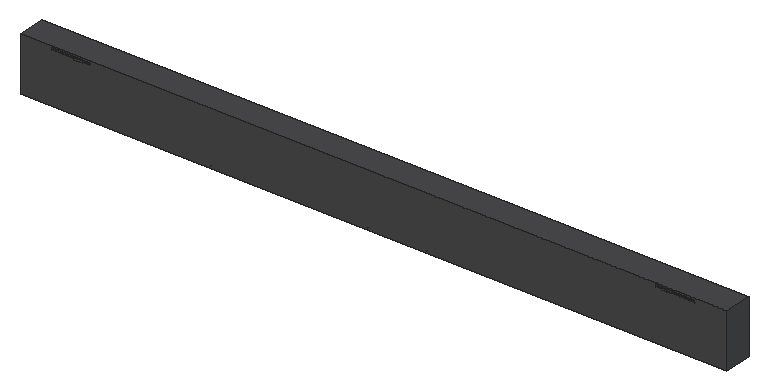
Revit family "DOT BLOCK CEILLING 946_DTSM40N9.1", category Luminarias, Revit 2019
Family settings
  Cota de conector redondo = Diámetro de uso
  Tipo de pieza = Normal
  Se basa en plano de trabajo = Sí
  Siempre vertical = Sí
  Corte con vacíos al cargar = No
  Origen de luz = Sí
  Compartido = No
  Punto de cálculo de habitación = No
Parameters (values of type "DOT BLOCK CEILLING 946_DTSM40N9.1.1535")
  Ángulo de inclinación = 60.00°
  Zone [instance] = ""
  Watt per fixture = 40
  Wattage = 40 W
  built-in parameter 1150107 = 4000 (stored number, unit not read)
  built-in parameter 1150110 = 1 (stored number, unit not read)
  built-in parameter 1150109 = 1 (stored number, unit not read)
  built-in parameter 1150112 = 1 (stored number, unit not read)
  built-in parameter 1150113 = 1 (stored number, unit not read)
  built-in parameter 1114218 = 1 (stored number, unit not read)
  Keynote = ""
  built-in parameter 1150137 = (empty or 0)
  built-in parameter 1150132 = (empty or 0)
  Modelo = "DTSM40N9.1.1535"
  Lámpara = "3030SMD PHILIPS"
  built-in parameter 1150105 = 261.01 (stored number, unit not read)
  built-in parameter 1150102 = (empty or 0)
  built-in parameter 1150106 = 2.6101 (stored number, unit not read)
  Lumens = 3280 lm
  Color Filter = 16777215
  built-in parameter 1114217 = 1 (stored number, unit not read)
  built-in parameter 1150139 = (empty or 0)
  Fabricante = "BRILLANT"
  Default Elevation = 1219.2 mm
  built-in parameter 1150104 = 7.618 (stored number, unit not read)
  Descripción = "LUMINARIA DOWNLIGHT EN FORMATO RECTANGULAR PARA SOBREPONER DIRECTO EN TECHO, CUERPO DE ALUMINIO ACABADO EN COLOR NEGRO, IP 20, PESO 1.98Kg, TIPO DE LED 3030SMD PHILIPS CON 40W TOTAL, 3200 LUMENES, 82LM/W, IRC 90, TEMPERATURA EN BLANCO FRIO 4000K, 50 MIL HORAS DE VIDA PROMEDIO, APERTURA ELIPTICA DE 15X35 GRADOS POR PROYECTO, ALIMENTADO A 90-240V"
  built-in parameter 1150115 = 1 (stored number, unit not read)
  built-in parameter 1150114 = 1 (stored number, unit not read)
  Comentarios de vataje = "90-240V"
  built-in parameter 1150138 = (empty or 0)
  built-in parameter 1150134 = 12
  Circuit [instance] = ""
  Dimming Lamp Color Temperature Shift = (empty or 0)
  Archivo de red fotométrica = "L964A-40W-840-B-15X35_IESNA95.IES"
  built-in parameter 1150133 = 10 (stored number, unit not read)
Reference planes
  plane 1 "Centro (Frontal/Posterior)": y = 0
  plane 2: z = 0
  plane 3 "Centro (Izquierda/Derecha)": x = 0
Forms (mm)
  Extrusion 1, solid, material "Default Form", not visible
    sketch origin (0, 0, 0) x (1, 0, 0) y (0, 0, 1)
      loop
        line (-473, 0) -> (-473, -72) -> (473, -72) -> (473, 0) -> (-473, 0)
    from -18.326 to 18.326
  Blend 2, void, not visible
    base sketch origin (-293.63, 0, 0) x (1, 0, 0) y (0, 1, 0)
      loop
        line (-162, 16.149) -> (-162, -16.149) -> (-144.14, -16.149) -> (-144.14, 16.149) -> (-162, 16.149)
    top sketch origin (-293.63, 0, 0) x (1, 0, 0) y (0, 1, 0)
      loop
        line (-160, 12.149) -> (-160, -12.149) -> (-146.14, -12.149) -> (-146.14, 12.149) -> (-160, 12.149)
    from -72 to -61.591
  Blend 3, void, not visible
    base sketch origin (-267.33, 0, 0) x (1, 0, 0) y (0, 1, 0)
      loop
        line (-162, 16.149) -> (-162, -16.149) -> (-144.14, -16.149) -> (-144.14, 16.149) -> (-162, 16.149)
    top sketch origin (-267.33, 0, 0) x (1, 0, 0) y (0, 1, 0)
      loop
        line (-160, 12.149) -> (-160, -12.149) -> (-146.14, -12.149) -> (-146.14, 12.149) -> (-160, 12.149)
    from -72 to -61.591
  Blend 4, void, not visible
    base sketch origin (-241.03, 0, 0) x (1, 0, 0) y (0, 1, 0)
      loop
        line (-162, 16.149) -> (-162, -16.149) -> (-144.14, -16.149) -> (-144.14, 16.149) -> (-162, 16.149)
    top sketch origin (-241.03, 0, 0) x (1, 0, 0) y (0, 1, 0)
      loop
        line (-160, 12.149) -> (-160, -12.149) -> (-146.14, -12.149) -> (-146.14, 12.149) -> (-160, 12.149)
    from -72 to -61.591
  Blend 5, void, not visible
    base sketch origin (-214.73, 0, 0) x (1, 0, 0) y (0, 1, 0)
      loop
        line (-162, 16.149) -> (-162, -16.149) -> (-144.14, -16.149) -> (-144.14, 16.149) -> (-162, 16.149)
    top sketch origin (-214.73, 0, 0) x (1, 0, 0) y (0, 1, 0)
      loop
        line (-160, 12.149) -> (-160, -12.149) -> (-146.14, -12.149) -> (-146.14, 12.149) -> (-160, 12.149)
    from -72 to -61.591
  Blend 6, void, not visible
    base sketch origin (-188.43, 0, 0) x (1, 0, 0) y (0, 1, 0)
      loop
        line (-162, 16.149) -> (-162, -16.149) -> (-144.14, -16.149) -> (-144.14, 16.149) -> (-162, 16.149)
    top sketch origin (-188.43, 0, 0) x (1, 0, 0) y (0, 1, 0)
      loop
        line (-160, 12.149) -> (-160, -12.149) -> (-146.14, -12.149) -> (-146.14, 12.149) -> (-160, 12.149)
    from -72 to -61.591
  Blend 7, void, not visible
    base sketch origin (-162.13, 0, 0) x (1, 0, 0) y (0, 1, 0)
      loop
        line (-162, 16.149) -> (-162, -16.149) -> (-144.14, -16.149) -> (-144.14, 16.149) -> (-162, 16.149)
    top sketch origin (-162.13, 0, 0) x (1, 0, 0) y (0, 1, 0)
      loop
        line (-160, 12.149) -> (-160, -12.149) -> (-146.14, -12.149) -> (-146.14, 12.149) -> (-160, 12.149)
    from -72 to -61.591
  Blend 8, void, not visible
    base sketch origin (-135.83, 0, 0) x (1, 0, 0) y (0, 1, 0)
      loop
        line (-162, 16.149) -> (-162, -16.149) -> (-144.14, -16.149) -> (-144.14, 16.149) -> (-162, 16.149)
    top sketch origin (-135.83, 0, 0) x (1, 0, 0) y (0, 1, 0)
      loop
        line (-160, 12.149) -> (-160, -12.149) -> (-146.14, -12.149) -> (-146.14, 12.149) -> (-160, 12.149)
    from -72 to -61.591
  Blend 9, void, not visible
    base sketch origin (-109.53, 0, 0) x (1, 0, 0) y (0, 1, 0)
      loop
        line (-162, 16.149) -> (-162, -16.149) -> (-144.14, -16.149) -> (-144.14, 16.149) -> (-162, 16.149)
    top sketch origin (-109.53, 0, 0) x (1, 0, 0) y (0, 1, 0)
      loop
        line (-160, 12.149) -> (-160, -12.149) -> (-146.14, -12.149) -> (-146.14, 12.149) -> (-160, 12.149)
    from -72 to -61.591
  Blend 10, void, not visible
    base sketch origin (-83.23, 0, 0) x (1, 0, 0) y (0, 1, 0)
      loop
        line (-162, 16.149) -> (-162, -16.149) -> (-144.14, -16.149) -> (-144.14, 16.149) -> (-162, 16.149)
    top sketch origin (-83.23, 0, 0) x (1, 0, 0) y (0, 1, 0)
      loop
        line (-160, 12.149) -> (-160, -12.149) -> (-146.14, -12.149) -> (-146.14, 12.149) -> (-160, 12.149)
    from -72 to -61.591
  Blend 11, void, not visible
    base sketch origin (-56.93, 0, 0) x (1, 0, 0) y (0, 1, 0)
      loop
        line (-162, 16.149) -> (-162, -16.149) -> (-144.14, -16.149) -> (-144.14, 16.149) -> (-162, 16.149)
    top sketch origin (-56.93, 0, 0) x (1, 0, 0) y (0, 1, 0)
      loop
        line (-160, 12.149) -> (-160, -12.149) -> (-146.14, -12.149) -> (-146.14, 12.149) -> (-160, 12.149)
    from -72 to -61.591
  Blend 12, void, not visible
    base sketch origin (-30.63, 0, 0) x (1, 0, 0) y (0, 1, 0)
      loop
        line (-162, 16.149) -> (-162, -16.149) -> (-144.14, -16.149) -> (-144.14, 16.149) -> (-162, 16.149)
    top sketch origin (-30.63, 0, 0) x (1, 0, 0) y (0, 1, 0)
      loop
        line (-160, 12.149) -> (-160, -12.149) -> (-146.14, -12.149) -> (-146.14, 12.149) -> (-160, 12.149)
    from -72 to -61.591
  Blend 13, void, not visible
    base sketch origin (-4.33, 0, 0) x (1, 0, 0) y (0, 1, 0)
      loop
        line (-162, 16.149) -> (-162, -16.149) -> (-144.14, -16.149) -> (-144.14, 16.149) -> (-162, 16.149)
    top sketch origin (-4.33, 0, 0) x (1, 0, 0) y (0, 1, 0)
      loop
        line (-160, 12.149) -> (-160, -12.149) -> (-146.14, -12.149) -> (-146.14, 12.149) -> (-160, 12.149)
    from -72 to -61.591
  Blend 14, void, not visible
    base sketch origin (21.97, 0, 0) x (1, 0, 0) y (0, 1, 0)
      loop
        line (-162, 16.149) -> (-162, -16.149) -> (-144.14, -16.149) -> (-144.14, 16.149) -> (-162, 16.149)
    top sketch origin (21.97, 0, 0) x (1, 0, 0) y (0, 1, 0)
      loop
        line (-160, 12.149) -> (-160, -12.149) -> (-146.14, -12.149) -> (-146.14, 12.149) -> (-160, 12.149)
    from -72 to -61.591
  Blend 15, void, not visible
    base sketch origin (48.27, 0, 0) x (1, 0, 0) y (0, 1, 0)
      loop
        line (-162, 16.149) -> (-162, -16.149) -> (-144.14, -16.149) -> (-144.14, 16.149) -> (-162, 16.149)
    top sketch origin (48.27, 0, 0) x (1, 0, 0) y (0, 1, 0)
      loop
        line (-160, 12.149) -> (-160, -12.149) -> (-146.14, -12.149) -> (-146.14, 12.149) -> (-160, 12.149)
    from -72 to -61.591
  Blend 16, void, not visible
    base sketch origin (74.57, 0, 0) x (1, 0, 0) y (0, 1, 0)
      loop
        line (-162, 16.149) -> (-162, -16.149) -> (-144.14, -16.149) -> (-144.14, 16.149) -> (-162, 16.149)
    top sketch origin (74.57, 0, 0) x (1, 0, 0) y (0, 1, 0)
      loop
        line (-160, 12.149) -> (-160, -12.149) -> (-146.14, -12.149) -> (-146.14, 12.149) -> (-160, 12.149)
    from -72 to -61.591
  Blend 17, void, not visible
    base sketch origin (100.87, 0, 0) x (1, 0, 0) y (0, 1, 0)
      loop
        line (-162, 16.149) -> (-162, -16.149) -> (-144.14, -16.149) -> (-144.14, 16.149) -> (-162, 16.149)
    top sketch origin (100.87, 0, 0) x (1, 0, 0) y (0, 1, 0)
      loop
        line (-160, 12.149) -> (-160, -12.149) -> (-146.14, -12.149) -> (-146.14, 12.149) -> (-160, 12.149)
    from -72 to -61.591
  Blend 18, void, not visible
    base sketch origin (127.17, 0, 0) x (1, 0, 0) y (0, 1, 0)
      loop
        line (-162, 16.149) -> (-162, -16.149) -> (-144.14, -16.149) -> (-144.14, 16.149) -> (-162, 16.149)
    top sketch origin (127.17, 0, 0) x (1, 0, 0) y (0, 1, 0)
      loop
        line (-160, 12.149) -> (-160, -12.149) -> (-146.14, -12.149) -> (-146.14, 12.149) -> (-160, 12.149)
    from -72 to -61.591
  Blend 19, void, not visible
    base sketch origin (153.47, 0, 0) x (1, 0, 0) y (0, 1, 0)
      loop
        line (-162, 16.149) -> (-162, -16.149) -> (-144.14, -16.149) -> (-144.14, 16.149) -> (-162, 16.149)
    top sketch origin (153.47, 0, 0) x (1, 0, 0) y (0, 1, 0)
      loop
        line (-160, 12.149) -> (-160, -12.149) -> (-146.14, -12.149) -> (-146.14, 12.149) -> (-160, 12.149)
    from -72 to -61.591
  Blend 20, void, not visible
    base sketch origin (179.77, 0, 0) x (1, 0, 0) y (0, 1, 0)
      loop
        line (-162, 16.149) -> (-162, -16.149) -> (-144.14, -16.149) -> (-144.14, 16.149) -> (-162, 16.149)
    top sketch origin (179.77, 0, 0) x (1, 0, 0) y (0, 1, 0)
      loop
        line (-160, 12.149) -> (-160, -12.149) -> (-146.14, -12.149) -> (-146.14, 12.149) -> (-160, 12.149)
    from -72 to -61.591
  Blend 21, void, not visible
    base sketch origin (206.07, 0, 0) x (1, 0, 0) y (0, 1, 0)
      loop
        line (-162, 16.149) -> (-162, -16.149) -> (-144.14, -16.149) -> (-144.14, 16.149) -> (-162, 16.149)
    top sketch origin (206.07, 0, 0) x (1, 0, 0) y (0, 1, 0)
      loop
        line (-160, 12.149) -> (-160, -12.149) -> (-146.14, -12.149) -> (-146.14, 12.149) -> (-160, 12.149)
    from -72 to -61.591
  Blend 22, void, not visible
    base sketch origin (232.37, 0, 0) x (1, 0, 0) y (0, 1, 0)
      loop
        line (-162, 16.149) -> (-162, -16.149) -> (-144.14, -16.149) -> (-144.14, 16.149) -> (-162, 16.149)
    top sketch origin (232.37, 0, 0) x (1, 0, 0) y (0, 1, 0)
      loop
        line (-160, 12.149) -> (-160, -12.149) -> (-146.14, -12.149) -> (-146.14, 12.149) -> (-160, 12.149)
    from -72 to -61.591
  Blend 23, void, not visible
    base sketch origin (258.67, 0, 0) x (1, 0, 0) y (0, 1, 0)
      loop
        line (-162, 16.149) -> (-162, -16.149) -> (-144.14, -16.149) -> (-144.14, 16.149) -> (-162, 16.149)
    top sketch origin (258.67, 0, 0) x (1, 0, 0) y (0, 1, 0)
      loop
        line (-160, 12.149) -> (-160, -12.149) -> (-146.14, -12.149) -> (-146.14, 12.149) -> (-160, 12.149)
    from -72 to -61.591
  Blend 24, void, not visible
    base sketch origin (284.97, 0, 0) x (1, 0, 0) y (0, 1, 0)
      loop
        line (-162, 16.149) -> (-162, -16.149) -> (-144.14, -16.149) -> (-144.14, 16.149) -> (-162, 16.149)
    top sketch origin (284.97, 0, 0) x (1, 0, 0) y (0, 1, 0)
      loop
        line (-160, 12.149) -> (-160, -12.149) -> (-146.14, -12.149) -> (-146.14, 12.149) -> (-160, 12.149)
    from -72 to -61.591
  Blend 25, void, not visible
    base sketch origin (311.27, 0, 0) x (1, 0, 0) y (0, 1, 0)
      loop
        line (-162, 16.149) -> (-162, -16.149) -> (-144.14, -16.149) -> (-144.14, 16.149) -> (-162, 16.149)
    top sketch origin (311.27, 0, 0) x (1, 0, 0) y (0, 1, 0)
      loop
        line (-160, 12.149) -> (-160, -12.149) -> (-146.14, -12.149) -> (-146.14, 12.149) -> (-160, 12.149)
    from -72 to -61.591
  Blend 26, void, not visible
    base sketch origin (337.57, 0, 0) x (1, 0, 0) y (0, 1, 0)
      loop
        line (-162, 16.149) -> (-162, -16.149) -> (-144.14, -16.149) -> (-144.14, 16.149) -> (-162, 16.149)
    top sketch origin (337.57, 0, 0) x (1, 0, 0) y (0, 1, 0)
      loop
        line (-160, 12.149) -> (-160, -12.149) -> (-146.14, -12.149) -> (-146.14, 12.149) -> (-160, 12.149)
    from -72 to -61.591
  Blend 27, void, not visible
    base sketch origin (363.87, 0, 0) x (1, 0, 0) y (0, 1, 0)
      loop
        line (-162, 16.149) -> (-162, -16.149) -> (-144.14, -16.149) -> (-144.14, 16.149) -> (-162, 16.149)
    top sketch origin (363.87, 0, 0) x (1, 0, 0) y (0, 1, 0)
      loop
        line (-160, 12.149) -> (-160, -12.149) -> (-146.14, -12.149) -> (-146.14, 12.149) -> (-160, 12.149)
    from -72 to -61.591
  Blend 28, void, not visible
    base sketch origin (390.17, 0, 0) x (1, 0, 0) y (0, 1, 0)
      loop
        line (-162, 16.149) -> (-162, -16.149) -> (-144.14, -16.149) -> (-144.14, 16.149) -> (-162, 16.149)
    top sketch origin (390.17, 0, 0) x (1, 0, 0) y (0, 1, 0)
      loop
        line (-160, 12.149) -> (-160, -12.149) -> (-146.14, -12.149) -> (-146.14, 12.149) -> (-160, 12.149)
    from -72 to -61.591
  Blend 29, void, not visible
    base sketch origin (416.47, 0, 0) x (1, 0, 0) y (0, 1, 0)
      loop
        line (-162, 16.149) -> (-162, -16.149) -> (-144.14, -16.149) -> (-144.14, 16.149) -> (-162, 16.149)
    top sketch origin (416.47, 0, 0) x (1, 0, 0) y (0, 1, 0)
      loop
        line (-160, 12.149) -> (-160, -12.149) -> (-146.14, -12.149) -> (-146.14, 12.149) -> (-160, 12.149)
    from -72 to -61.591
  Blend 30, void, not visible
    base sketch origin (442.77, 0, 0) x (1, 0, 0) y (0, 1, 0)
      loop
        line (-162, 16.149) -> (-162, -16.149) -> (-144.14, -16.149) -> (-144.14, 16.149) -> (-162, 16.149)
    top sketch origin (442.77, 0, 0) x (1, 0, 0) y (0, 1, 0)
      loop
        line (-160, 12.149) -> (-160, -12.149) -> (-146.14, -12.149) -> (-146.14, 12.149) -> (-160, 12.149)
    from -72 to -61.591
  Blend 31, void, not visible
    base sketch origin (469.07, 0, 0) x (1, 0, 0) y (0, 1, 0)
      loop
        line (-162, 16.149) -> (-162, -16.149) -> (-144.14, -16.149) -> (-144.14, 16.149) -> (-162, 16.149)
    top sketch origin (469.07, 0, 0) x (1, 0, 0) y (0, 1, 0)
      loop
        line (-160, 12.149) -> (-160, -12.149) -> (-146.14, -12.149) -> (-146.14, 12.149) -> (-160, 12.149)
    from -72 to -61.591
  Blend 32, void, not visible
    base sketch origin (495.37, 0, 0) x (1, 0, 0) y (0, 1, 0)
      loop
        line (-162, 16.149) -> (-162, -16.149) -> (-144.14, -16.149) -> (-144.14, 16.149) -> (-162, 16.149)
    top sketch origin (495.37, 0, 0) x (1, 0, 0) y (0, 1, 0)
      loop
        line (-160, 12.149) -> (-160, -12.149) -> (-146.14, -12.149) -> (-146.14, 12.149) -> (-160, 12.149)
    from -72 to -61.591
  Blend 33, void, not visible
    base sketch origin (521.67, 0, 0) x (1, 0, 0) y (0, 1, 0)
      loop
        line (-162, 16.149) -> (-162, -16.149) -> (-144.14, -16.149) -> (-144.14, 16.149) -> (-162, 16.149)
    top sketch origin (521.67, 0, 0) x (1, 0, 0) y (0, 1, 0)
      loop
        line (-160, 12.149) -> (-160, -12.149) -> (-146.14, -12.149) -> (-146.14, 12.149) -> (-160, 12.149)
    from -72 to -61.591
  Blend 34, void, not visible
    base sketch origin (547.97, 0, 0) x (1, 0, 0) y (0, 1, 0)
      loop
        line (-162, 16.149) -> (-162, -16.149) -> (-144.14, -16.149) -> (-144.14, 16.149) -> (-162, 16.149)
    top sketch origin (547.97, 0, 0) x (1, 0, 0) y (0, 1, 0)
      loop
        line (-160, 12.149) -> (-160, -12.149) -> (-146.14, -12.149) -> (-146.14, 12.149) -> (-160, 12.149)
    from -72 to -61.591
  Blend 35, void, not visible
    base sketch origin (574.27, 0, 0) x (1, 0, 0) y (0, 1, 0)
      loop
        line (-162, 16.149) -> (-162, -16.149) -> (-144.14, -16.149) -> (-144.14, 16.149) -> (-162, 16.149)
    top sketch origin (574.27, 0, 0) x (1, 0, 0) y (0, 1, 0)
      loop
        line (-160, 12.149) -> (-160, -12.149) -> (-146.14, -12.149) -> (-146.14, 12.149) -> (-160, 12.149)
    from -72 to -61.591
  Blend 36, void, not visible
    base sketch origin (600.57, 0, 0) x (1, 0, 0) y (0, 1, 0)
      loop
        line (-162, 16.149) -> (-162, -16.149) -> (-144.14, -16.149) -> (-144.14, 16.149) -> (-162, 16.149)
    top sketch origin (600.57, 0, 0) x (1, 0, 0) y (0, 1, 0)
      loop
        line (-160, 12.149) -> (-160, -12.149) -> (-146.14, -12.149) -> (-146.14, 12.149) -> (-160, 12.149)
    from -72 to -61.591
  Extrusion 37, solid, not visible
    sketch origin (-463.861, 0, 3.217) x (0, -1, 0) y (0, 0, -1)
      loop
        line (18.326, 3.217) -> (-18.326, 3.217) -> (-18.326, 73.917) -> (-32.183, 73.917) -> (-32.183, 72.617) -> (-19.626, 72.617) -> (-19.626, 1.917) -> (19.626, 1.917) -> (19.626, 72.617) -> (32.183, 72.617) -> (32.183, 73.917) -> (18.326, 73.917) -> (18.326, 3.217)
    from 89.098 to 128.24
  Extrusion 38, solid, not visible
    sketch origin (-246.523, 0, 3.217) x (0, -1, 0) y (0, 0, 1)
      loop
        line (-19.626, -1.917) -> (19.626, -1.917) -> (19.626, -63.89) -> (20.426, -63.89) -> (20.426, -1.117) -> (-20.426, -1.117) -> (-20.426, -63.89) -> (-19.626, -63.89) -> (-19.626, -1.917)
    from 122.954 to 124.098
  Extrusion 39, solid, not visible
    sketch origin (-463.861, 0, 3.217) x (0, -1, 0) y (0, 0, -1)
      loop
        line (-19.626, 1.917) -> (-19.626, 63.89) -> (-20.426, 63.89) -> (-20.426, 1.117) -> (20.426, 1.117) -> (20.426, 63.89) -> (19.626, 63.89) -> (19.626, 1.917) -> (-19.626, 1.917)
    from 122.954 to 124.098
  Extrusion 40, void, not visible
    sketch origin (0, 0, 0) x (1, 0, 0) y (0, 1, 0)
      loop
        circle (-363.799, -25.904) r 2.055
      loop
        circle (-346.585, -25.904) r 2.055
      loop
        circle (-363.799, 25.904) r 2.055
      loop
        circle (-346.585, 25.904) r 2.055
    from -70.7 to -69.4
  Blend 41, void
    base sketch origin (74.57, 130.851, 72) x (1, 0, 0) y (0, 1, 0)
      loop
        line (-162, -147) -> (-144.14, -147) -> (-144.14, -114.702) -> (-162, -114.702) -> (-162, -147)
    top sketch origin (74.57, 130.851, 72) x (1, 0, 0) y (0, 1, 0)
      loop
        line (-160, -143) -> (-146.14, -143) -> (-146.14, -118.702) -> (-160, -118.702) -> (-160, -143)
    from -72 to -61.591
  Blend 42, void
    base sketch origin (100.87, 130.851, 72) x (1, 0, 0) y (0, 1, 0)
      loop
        line (-162, -147) -> (-144.14, -147) -> (-144.14, -114.702) -> (-162, -114.702) -> (-162, -147)
    top sketch origin (100.87, 130.851, 72) x (1, 0, 0) y (0, 1, 0)
      loop
        line (-160, -143) -> (-146.14, -143) -> (-146.14, -118.702) -> (-160, -118.702) -> (-160, -143)
    from -72 to -61.591
  Blend 43, void
    base sketch origin (127.17, 130.851, 72) x (1, 0, 0) y (0, 1, 0)
      loop
        line (-162, -147) -> (-144.14, -147) -> (-144.14, -114.702) -> (-162, -114.702) -> (-162, -147)
    top sketch origin (127.17, 130.851, 72) x (1, 0, 0) y (0, 1, 0)
      loop
        line (-160, -143) -> (-146.14, -143) -> (-146.14, -118.702) -> (-160, -118.702) -> (-160, -143)
    from -72 to -61.591
  Blend 44, void
    base sketch origin (153.47, 130.851, 72) x (1, 0, 0) y (0, 1, 0)
      loop
        line (-162, -147) -> (-144.14, -147) -> (-144.14, -114.702) -> (-162, -114.702) -> (-162, -147)
    top sketch origin (153.47, 130.851, 72) x (1, 0, 0) y (0, 1, 0)
      loop
        line (-160, -143) -> (-146.14, -143) -> (-146.14, -118.702) -> (-160, -118.702) -> (-160, -143)
    from -72 to -61.591
  Blend 45, void
    base sketch origin (179.77, 130.851, 72) x (1, 0, 0) y (0, 1, 0)
      loop
        line (-162, -147) -> (-144.14, -147) -> (-144.14, -114.702) -> (-162, -114.702) -> (-162, -147)
    top sketch origin (179.77, 130.851, 72) x (1, 0, 0) y (0, 1, 0)
      loop
        line (-160, -143) -> (-146.14, -143) -> (-146.14, -118.702) -> (-160, -118.702) -> (-160, -143)
    from -72 to -61.591
  Blend 46, void
    base sketch origin (206.07, 130.851, 72) x (1, 0, 0) y (0, 1, 0)
      loop
        line (-162, -147) -> (-144.14, -147) -> (-144.14, -114.702) -> (-162, -114.702) -> (-162, -147)
    top sketch origin (206.07, 130.851, 72) x (1, 0, 0) y (0, 1, 0)
      loop
        line (-160, -143) -> (-146.14, -143) -> (-146.14, -118.702) -> (-160, -118.702) -> (-160, -143)
    from -72 to -61.591
  Blend 47, void
    base sketch origin (232.37, 130.851, 72) x (1, 0, 0) y (0, 1, 0)
      loop
        line (-162, -147) -> (-144.14, -147) -> (-144.14, -114.702) -> (-162, -114.702) -> (-162, -147)
    top sketch origin (232.37, 130.851, 72) x (1, 0, 0) y (0, 1, 0)
      loop
        line (-160, -143) -> (-146.14, -143) -> (-146.14, -118.702) -> (-160, -118.702) -> (-160, -143)
    from -72 to -61.591
  Extrusion 48, solid, material "Default Form"
    sketch origin (0, 0, 72) x (1, 0, 0) y (0, 0, -1)
      loop
        line (-473, 0) -> (473, 0) -> (473, 72) -> (-473, 72) -> (-473, 0)
    from -18.326 to 18.326
  Blend 49, void
    base sketch origin (258.67, 130.851, 72) x (1, 0, 0) y (0, 1, 0)
      loop
        line (-162, -147) -> (-144.14, -147) -> (-144.14, -114.702) -> (-162, -114.702) -> (-162, -147)
    top sketch origin (258.67, 130.851, 72) x (1, 0, 0) y (0, 1, 0)
      loop
        line (-160, -143) -> (-146.14, -143) -> (-146.14, -118.702) -> (-160, -118.702) -> (-160, -143)
    from -72 to -61.591
  Blend 50, void
    base sketch origin (284.97, 130.851, 72) x (1, 0, 0) y (0, 1, 0)
      loop
        line (-162, -147) -> (-144.14, -147) -> (-144.14, -114.702) -> (-162, -114.702) -> (-162, -147)
    top sketch origin (284.97, 130.851, 72) x (1, 0, 0) y (0, 1, 0)
      loop
        line (-160, -143) -> (-146.14, -143) -> (-146.14, -118.702) -> (-160, -118.702) -> (-160, -143)
    from -72 to -61.591
  Blend 51, void
    base sketch origin (21.97, 130.851, 72) x (1, 0, 0) y (0, 1, 0)
      loop
        line (-162, -147) -> (-144.14, -147) -> (-144.14, -114.702) -> (-162, -114.702) -> (-162, -147)
    top sketch origin (21.97, 130.851, 72) x (1, 0, 0) y (0, 1, 0)
      loop
        line (-160, -143) -> (-146.14, -143) -> (-146.14, -118.702) -> (-160, -118.702) -> (-160, -143)
    from -72 to -61.591
  Blend 52, void
    base sketch origin (48.27, 130.851, 72) x (1, 0, 0) y (0, 1, 0)
      loop
        line (-162, -147) -> (-144.14, -147) -> (-144.14, -114.702) -> (-162, -114.702) -> (-162, -147)
    top sketch origin (48.27, 130.851, 72) x (1, 0, 0) y (0, 1, 0)
      loop
        line (-160, -143) -> (-146.14, -143) -> (-146.14, -118.702) -> (-160, -118.702) -> (-160, -143)
    from -72 to -61.591
  Extrusion 53, void
    sketch origin (-308.75, 0, 0) x (1, 0, 0) y (0, 1, 0)
      loop
        line (-122.17, -18.326) -> (-69.57, -18.326) -> (-69.57, -16.149) -> (-122.17, -16.149) -> (-122.17, -18.326)
      loop
        line (-122.17, 18.326) -> (-122.17, 16.149) -> (-69.57, 16.149) -> (-69.57, 18.326) -> (-122.17, 18.326)
    from 66.852 to 70.535
  Extrusion 54, solid, material "Default Form"
    sketch origin (-25, 0, 0) x (1, 0, 0) y (0, 1, 0)
      loop
        line (-362.305, -16.149) -> (-363.639, -16.149) -> (-363.639, -18.326) -> (-374.139, -18.326) -> (-374.139, -20.238) -> (-362.305, -20.238) -> (-362.305, -16.149)
      loop
        line (-362.305, 16.149) -> (-362.305, 20.238) -> (-374.139, 20.238) -> (-374.139, 18.326) -> (-363.639, 18.326) -> (-363.639, 16.149) -> (-362.305, 16.149)
      loop
        line (412.305, -16.149) -> (412.305, -20.238) -> (424.139, -20.238) -> (424.139, -18.326) -> (413.639, -18.326) -> (413.639, -16.149) -> (412.305, -16.149)
      loop
        line (412.305, 16.149) -> (413.639, 16.149) -> (413.639, 18.326) -> (424.139, 18.326) -> (424.139, 20.238) -> (412.305, 20.238) -> (412.305, 16.149)
    from 67.466 to 69.773
  Extrusion 55, void
    sketch origin (308.75, 0, 0) x (-1, 0, 0) y (0, -1, 0)
      loop
        line (-122.17, 18.326) -> (-122.17, 16.149) -> (-69.57, 16.149) -> (-69.57, 18.326) -> (-122.17, 18.326)
      loop
        line (-122.17, -18.326) -> (-69.57, -18.326) -> (-69.57, -16.149) -> (-122.17, -16.149) -> (-122.17, -18.326)
    from 66.852 to 70.535
  Blend 56, void
    base sketch origin (-56.93, 130.851, 72) x (1, 0, 0) y (0, 1, 0)
      loop
        line (-162, -147) -> (-144.14, -147) -> (-144.14, -114.702) -> (-162, -114.702) -> (-162, -147)
    top sketch origin (-56.93, 130.851, 72) x (1, 0, 0) y (0, 1, 0)
      loop
        line (-160, -143) -> (-146.14, -143) -> (-146.14, -118.702) -> (-160, -118.702) -> (-160, -143)
    from -72 to -61.591
  Blend 57, void
    base sketch origin (-30.63, 130.851, 72) x (1, 0, 0) y (0, 1, 0)
      loop
        line (-162, -147) -> (-144.14, -147) -> (-144.14, -114.702) -> (-162, -114.702) -> (-162, -147)
    top sketch origin (-30.63, 130.851, 72) x (1, 0, 0) y (0, 1, 0)
      loop
        line (-160, -143) -> (-146.14, -143) -> (-146.14, -118.702) -> (-160, -118.702) -> (-160, -143)
    from -72 to -61.591
  Blend 58, void
    base sketch origin (-4.33, 130.851, 72) x (1, 0, 0) y (0, 1, 0)
      loop
        line (-162, -147) -> (-144.14, -147) -> (-144.14, -114.702) -> (-162, -114.702) -> (-162, -147)
    top sketch origin (-4.33, 130.851, 72) x (1, 0, 0) y (0, 1, 0)
      loop
        line (-160, -143) -> (-146.14, -143) -> (-146.14, -118.702) -> (-160, -118.702) -> (-160, -143)
    from -72 to -61.591
  Blend 59, void
    base sketch origin (-109.53, 130.851, 72) x (1, 0, 0) y (0, 1, 0)
      loop
        line (-162, -147) -> (-144.14, -147) -> (-144.14, -114.702) -> (-162, -114.702) -> (-162, -147)
    top sketch origin (-109.53, 130.851, 72) x (1, 0, 0) y (0, 1, 0)
      loop
        line (-160, -143) -> (-146.14, -143) -> (-146.14, -118.702) -> (-160, -118.702) -> (-160, -143)
    from -72 to -61.591
  Blend 60, void
    base sketch origin (-83.23, 130.851, 72) x (1, 0, 0) y (0, 1, 0)
      loop
        line (-162, -147) -> (-144.14, -147) -> (-144.14, -114.702) -> (-162, -114.702) -> (-162, -147)
    top sketch origin (-83.23, 130.851, 72) x (1, 0, 0) y (0, 1, 0)
      loop
        line (-160, -143) -> (-146.14, -143) -> (-146.14, -118.702) -> (-160, -118.702) -> (-160, -143)
    from -72 to -61.591
  Blend 61, void
    base sketch origin (-135.83, 130.851, 72) x (1, 0, 0) y (0, 1, 0)
      loop
        line (-162, -147) -> (-144.14, -147) -> (-144.14, -114.702) -> (-162, -114.702) -> (-162, -147)
    top sketch origin (-135.83, 130.851, 72) x (1, 0, 0) y (0, 1, 0)
      loop
        line (-160, -143) -> (-146.14, -143) -> (-146.14, -118.702) -> (-160, -118.702) -> (-160, -143)
    from -72 to -61.591
  Blend 62, void
    base sketch origin (-188.43, 130.851, 72) x (1, 0, 0) y (0, 1, 0)
      loop
        line (-162, -147) -> (-144.14, -147) -> (-144.14, -114.702) -> (-162, -114.702) -> (-162, -147)
    top sketch origin (-188.43, 130.851, 72) x (1, 0, 0) y (0, 1, 0)
      loop
        line (-160, -143) -> (-146.14, -143) -> (-146.14, -118.702) -> (-160, -118.702) -> (-160, -143)
    from -72 to -61.591
  Blend 63, void
    base sketch origin (-162.13, 130.851, 72) x (1, 0, 0) y (0, 1, 0)
      loop
        line (-162, -147) -> (-144.14, -147) -> (-144.14, -114.702) -> (-162, -114.702) -> (-162, -147)
    top sketch origin (-162.13, 130.851, 72) x (1, 0, 0) y (0, 1, 0)
      loop
        line (-160, -143) -> (-146.14, -143) -> (-146.14, -118.702) -> (-160, -118.702) -> (-160, -143)
    from -72 to -61.591
  Blend 64, void
    base sketch origin (311.27, 130.851, 72) x (1, 0, 0) y (0, 1, 0)
      loop
        line (-162, -147) -> (-144.14, -147) -> (-144.14, -114.702) -> (-162, -114.702) -> (-162, -147)
    top sketch origin (311.27, 130.851, 72) x (1, 0, 0) y (0, 1, 0)
      loop
        line (-160, -143) -> (-146.14, -143) -> (-146.14, -118.702) -> (-160, -118.702) -> (-160, -143)
    from -72 to -61.591
  Blend 65, void
    base sketch origin (337.57, 130.851, 72) x (1, 0, 0) y (0, 1, 0)
      loop
        line (-162, -147) -> (-144.14, -147) -> (-144.14, -114.702) -> (-162, -114.702) -> (-162, -147)
    top sketch origin (337.57, 130.851, 72) x (1, 0, 0) y (0, 1, 0)
      loop
        line (-160, -143) -> (-146.14, -143) -> (-146.14, -118.702) -> (-160, -118.702) -> (-160, -143)
    from -72 to -61.591
  Blend 66, void
    base sketch origin (363.87, 130.851, 72) x (1, 0, 0) y (0, 1, 0)
      loop
        line (-162, -147) -> (-144.14, -147) -> (-144.14, -114.702) -> (-162, -114.702) -> (-162, -147)
    top sketch origin (363.87, 130.851, 72) x (1, 0, 0) y (0, 1, 0)
      loop
        line (-160, -143) -> (-146.14, -143) -> (-146.14, -118.702) -> (-160, -118.702) -> (-160, -143)
    from -72 to -61.591
  Blend 67, void
    base sketch origin (390.17, 130.851, 72) x (1, 0, 0) y (0, 1, 0)
      loop
        line (-162, -147) -> (-144.14, -147) -> (-144.14, -114.702) -> (-162, -114.702) -> (-162, -147)
    top sketch origin (390.17, 130.851, 72) x (1, 0, 0) y (0, 1, 0)
      loop
        line (-160, -143) -> (-146.14, -143) -> (-146.14, -118.702) -> (-160, -118.702) -> (-160, -143)
    from -72 to -61.591
  Blend 68, void
    base sketch origin (416.47, 130.851, 72) x (1, 0, 0) y (0, 1, 0)
      loop
        line (-162, -147) -> (-144.14, -147) -> (-144.14, -114.702) -> (-162, -114.702) -> (-162, -147)
    top sketch origin (416.47, 130.851, 72) x (1, 0, 0) y (0, 1, 0)
      loop
        line (-160, -143) -> (-146.14, -143) -> (-146.14, -118.702) -> (-160, -118.702) -> (-160, -143)
    from -72 to -61.591
  Blend 69, void
    base sketch origin (442.77, 130.851, 72) x (1, 0, 0) y (0, 1, 0)
      loop
        line (-162, -147) -> (-144.14, -147) -> (-144.14, -114.702) -> (-162, -114.702) -> (-162, -147)
    top sketch origin (442.77, 130.851, 72) x (1, 0, 0) y (0, 1, 0)
      loop
        line (-160, -143) -> (-146.14, -143) -> (-146.14, -118.702) -> (-160, -118.702) -> (-160, -143)
    from -72 to -61.591
  Blend 70, void
    base sketch origin (469.07, 130.851, 72) x (1, 0, 0) y (0, 1, 0)
      loop
        line (-162, -147) -> (-144.14, -147) -> (-144.14, -114.702) -> (-162, -114.702) -> (-162, -147)
    top sketch origin (469.07, 130.851, 72) x (1, 0, 0) y (0, 1, 0)
      loop
        line (-160, -143) -> (-146.14, -143) -> (-146.14, -118.702) -> (-160, -118.702) -> (-160, -143)
    from -72 to -61.591
  Blend 71, void
    base sketch origin (495.37, 130.851, 72) x (1, 0, 0) y (0, 1, 0)
      loop
        line (-162, -147) -> (-144.14, -147) -> (-144.14, -114.702) -> (-162, -114.702) -> (-162, -147)
    top sketch origin (495.37, 130.851, 72) x (1, 0, 0) y (0, 1, 0)
      loop
        line (-160, -143) -> (-146.14, -143) -> (-146.14, -118.702) -> (-160, -118.702) -> (-160, -143)
    from -72 to -61.591
  Blend 72, void
    base sketch origin (-214.73, 130.851, 72) x (1, 0, 0) y (0, 1, 0)
      loop
        line (-162, -147) -> (-144.14, -147) -> (-144.14, -114.702) -> (-162, -114.702) -> (-162, -147)
    top sketch origin (-214.73, 130.851, 72) x (1, 0, 0) y (0, 1, 0)
      loop
        line (-160, -143) -> (-146.14, -143) -> (-146.14, -118.702) -> (-160, -118.702) -> (-160, -143)
    from -72 to -61.591
  Blend 73, void
    base sketch origin (-267.33, 130.851, 72) x (1, 0, 0) y (0, 1, 0)
      loop
        line (-162, -147) -> (-144.14, -147) -> (-144.14, -114.702) -> (-162, -114.702) -> (-162, -147)
    top sketch origin (-267.33, 130.851, 72) x (1, 0, 0) y (0, 1, 0)
      loop
        line (-160, -143) -> (-146.14, -143) -> (-146.14, -118.702) -> (-160, -118.702) -> (-160, -143)
    from -72 to -61.591
  Blend 74, void
    base sketch origin (-241.03, 130.851, 72) x (1, 0, 0) y (0, 1, 0)
      loop
        line (-162, -147) -> (-144.14, -147) -> (-144.14, -114.702) -> (-162, -114.702) -> (-162, -147)
    top sketch origin (-241.03, 130.851, 72) x (1, 0, 0) y (0, 1, 0)
      loop
        line (-160, -143) -> (-146.14, -143) -> (-146.14, -118.702) -> (-160, -118.702) -> (-160, -143)
    from -72 to -61.591
  Blend 75, void
    base sketch origin (-293.63, 130.851, 72) x (1, 0, 0) y (0, 1, 0)
      loop
        line (-162, -147) -> (-144.14, -147) -> (-144.14, -114.702) -> (-162, -114.702) -> (-162, -147)
    top sketch origin (-293.63, 130.851, 72) x (1, 0, 0) y (0, 1, 0)
      loop
        line (-160, -143) -> (-146.14, -143) -> (-146.14, -118.702) -> (-160, -118.702) -> (-160, -143)
    from -72 to -61.591
  Blend 76, void
    base sketch origin (521.67, 130.851, 72) x (1, 0, 0) y (0, 1, 0)
      loop
        line (-162, -147) -> (-144.14, -147) -> (-144.14, -114.702) -> (-162, -114.702) -> (-162, -147)
    top sketch origin (521.67, 130.851, 72) x (1, 0, 0) y (0, 1, 0)
      loop
        line (-160, -143) -> (-146.14, -143) -> (-146.14, -118.702) -> (-160, -118.702) -> (-160, -143)
    from -72 to -61.591
  Blend 77, void
    base sketch origin (547.97, 130.851, 72) x (1, 0, 0) y (0, 1, 0)
      loop
        line (-162, -147) -> (-144.14, -147) -> (-144.14, -114.702) -> (-162, -114.702) -> (-162, -147)
    top sketch origin (547.97, 130.851, 72) x (1, 0, 0) y (0, 1, 0)
      loop
        line (-160, -143) -> (-146.14, -143) -> (-146.14, -118.702) -> (-160, -118.702) -> (-160, -143)
    from -72 to -61.591
  Blend 78, void
    base sketch origin (574.27, 130.851, 72) x (1, 0, 0) y (0, 1, 0)
      loop
        line (-162, -147) -> (-144.14, -147) -> (-144.14, -114.702) -> (-162, -114.702) -> (-162, -147)
    top sketch origin (574.27, 130.851, 72) x (1, 0, 0) y (0, 1, 0)
      loop
        line (-160, -143) -> (-146.14, -143) -> (-146.14, -118.702) -> (-160, -118.702) -> (-160, -143)
    from -72 to -61.591
  Blend 79, void
    base sketch origin (600.57, 130.851, 72) x (1, 0, 0) y (0, 1, 0)
      loop
        line (-162, -147) -> (-144.14, -147) -> (-144.14, -114.702) -> (-162, -114.702) -> (-162, -147)
    top sketch origin (600.57, 130.851, 72) x (1, 0, 0) y (0, 1, 0)
      loop
        line (-160, -143) -> (-146.14, -143) -> (-146.14, -118.702) -> (-160, -118.702) -> (-160, -143)
    from -72 to -61.591
Cuts and joins
  Blend 41, Blend 42, Blend 43, Blend 44, Blend 45, Blend 46, Blend 47, Blend 49, Blend 50, Blend 51, Blend 52, Extrusion 53, Extrusion 55, Blend 56, Blend 57, Blend 58, Blend 59, Blend 60, Blend 61, Blend 62, Blend 63, Blend 64, Blend 65, Blend 66, Blend 67, Blend 68, Blend 69, Blend 70, Blend 71, Blend 72, Blend 73, Blend 74, Blend 75, Blend 76, Blend 77, Blend 78, Blend 79 cuts Extrusion 48
  Extrusion 55 cuts Extrusion 54
Dimensions and locks
  cut or joined group 1 (Blend 41, Blend 42, Blend 43, Blend 44, Blend 45, Blend 46, Blend 47, Extrusion 48, Blend 49, Blend 50, Blend 51, Blend 52, Extrusion 53, Extrusion 55, Blend 56, Blend 57, Blend 58, Blend 59, Blend 60, Blend 61, Blend 62, Blend 63, Blend 64, Blend 65, Blend 66, Blend 67, Blend 68, Blend 69, Blend 70, Blend 71, Blend 72, Blend 73, Blend 74, Blend 75, Blend 76, Blend 77, Blend 78, Blend 79) to cut or joined group 1 = 72 mm  (x2)
  cut or joined group 1 to cut or joined group 1 = 36.651 mm
  cut or joined group 1 to cut or joined group 1 = 946 mm
  cut or joined group 1 to cut or joined group 1 = 42.08 mm  (x2)
  aligned and locked: level to plane 2
Connectors
  electrical at (0, 0, 72)
    settings: on cut or joined group 1, index 1, voltage 0 V, apparent load 0 VA, apparent load phase1 0 VA, apparent load phase2 0 VA, apparent load phase3 0 VA, power factor 1, load classification "Otro", number of poles 1, system type 31, power factor state 1, is connector primary yes, connector utility no, sub classification motor no, connector description ""
